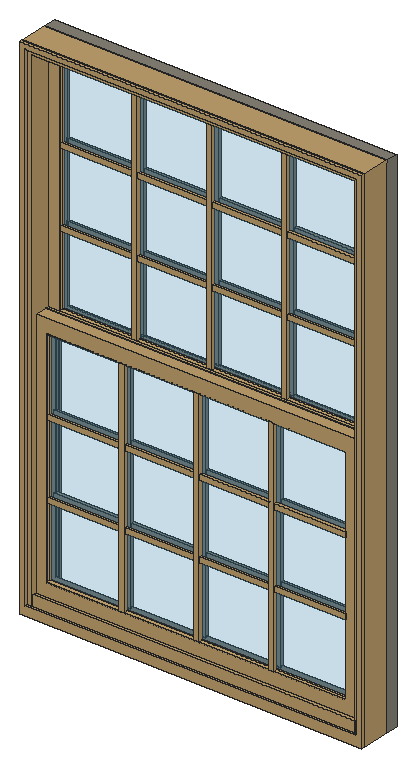
Revit family (continued)
Definition of nested family "Double_Hung_Magnum_Section_Detail"
  Definition of nested family "Head_Magnum"
    Lines and regions (in)
      detail lines, style "Cut Lines", in view "Ref. Level"
        curve 12: line (1.84463, -1.34308, 0) -> (1.84463, -1.86091, 0)
        curve 13: line (1.84463, -1.86091, 0) -> (2.8095, -1.86091, 0)
        curve 14: line (2.8095, -1.86091, 0) -> (2.8095, -1.08217, 0)
        curve 15: line (2.8095, -1.08217, 0) -> (4.5625, -1.08217, 0)
        curve 16: line (-0.57871, -1.56335, 0) -> (-0.57871, -1.00698, 0)
        curve 17: line (-0.35196, -1.56335, 0) -> (-0.57871, -1.56335, 0)
        curve 18: line (-0.35196, -1.68535, 0) -> (-0.35196, -1.56335, 0)
        curve 19: line (-0.30371, -1.75735, 0) -> (-0.55471, -1.75735, 0)
        curve 20: line (-0.55471, -1.68535, 0) -> (-0.35196, -1.68535, 0)
        curve 21: line (-0.55471, -1.68535, 0) -> (-0.55471, -1.75735, 0)
        curve 22: line (-0.18368, -1.66735, 0) -> (-0.30371, -1.66735, 0)
        curve 23: line (-0.30371, -1.66735, 0) -> (-0.30371, -1.75735, 0)
        curve 24: line (-0.57871, -1.00698, 0) -> (-0.18368, -1.00698, 0)
        curve 25: line (1.77664, -1.43064, 0) -> (0.213, -1.43064, 0)
        curve 26: line (0.213, -2.99034, 0) -> (0.213, -1.43064, 0)
        curve 27: line (0.32789, -2.99034, 0) -> (0.213, -2.99034, 0)
        curve 28: line (0.5208, -3.22121, 0) -> (0.32789, -2.99034, 0)
        curve 29: line (0.5625, -2.53321, 0) -> (0.5625, -3.22121, 0)
        curve 30: line (1.3125, -2.53321, 0) -> (0.5625, -2.53321, 0)
        curve 31: line (1.3125, -3.22121, 0) -> (1.3125, -2.53321, 0)
        curve 32: line (1.49071, -3.22121, 0) -> (1.3125, -3.22121, 0)
        curve 33: line (1.77664, -3.0022, 0) -> (1.70972, -3.0022, 0)
        curve 34: line (1.77664, -1.43064, 0) -> (1.77664, -3.0022, 0)
        curve 35: line (0.5625, -3.22121, 0) -> (0.5208, -3.22121, 0)
        curve 36: line (1.70972, -3.0022, 0) -> (1.49071, -3.22121, 0)
        curve 37: line (1.29214, -2.68921, 0) -> (0.59087, -2.68921, 0)
        curve 38: line (1.16587, -3.06421, 0) -> (0.71587, -3.06421, 0)
        curve 39: line (0.56826, -0.39417, 0) -> (4.5625, -0.39417, 0)
        curve 40: line (0, 1.5, 0) -> (0, 0.15, 0)
        curve 41: line (-0.04501, 0, 0) -> (-0.04501, 1.5, 0)
        curve 42: line (-0.04501, 1.5, 0) -> (0, 1.5, 0)
        curve 43: line (0.10999, 0.15, 0) -> (0.10999, 0, 0)
        curve 44: line (0, 0.15, 0) -> (0.10999, 0.15, 0)
  Definition of nested family "Checkrail_Magnum"
    Parameters (values of type "Checkrail")
      Assembly Code = ""
    Reference planes (in)
      plane 1 "Center (Front/Back)": y = -0.07662
      plane 2: z = 0
      plane 3 "Center (Left/Right)": x = 0
    Lines and regions (in)
      detail lines, style "Cut Lines", in view "Ref. Level"
        curve 1: line (4.02531, 0.9075, 0) -> (2.29165, 0.9075, 0)
        curve 2: line (1.70839, 0.9075, 0) -> (1.48939, 1.1265, 0)
        curve 3: line (1.48939, 1.1265, 0) -> (1.31117, 1.1265, 0)
        curve 4: line (1.31117, 1.1265, 0) -> (1.31117, 0.4385, 0)
        curve 5: line (1.31117, 0.4385, 0) -> (0.56736, 0.4385, 0)
        curve 6: line (0.21836, -1.04887, 0) -> (0.21836, 0.89563, 0)
        curve 7: line (0.21836, 0.89563, 0) -> (0.33275, 0.89563, 0)
        curve 8: line (0.33275, 0.89563, 0) -> (0.52566, 1.1265, 0)
        curve 9: line (0.52566, 1.1265, 0) -> (0.56736, 1.1265, 0)
        curve 10: line (0.56736, 0.4385, 0) -> (0.56736, 1.1265, 0)
        curve 11: line (4.02531, 0.9075, 0) -> (4.02531, -1.06075, 0)
        curve 12: line (4.02531, -1.06075, 0) -> (3.95839, -1.06075, 0)
        curve 13: line (3.95839, -1.06075, 0) -> (3.73939, -1.27975, 0)
        curve 14: line (3.73939, -1.27975, 0) -> (3.56117, -1.27975, 0)
        curve 15: line (3.56117, -1.27975, 0) -> (3.56117, -0.59175, 0)
        curve 16: line (3.56117, -0.59175, 0) -> (2.81736, -0.59175, 0)
        curve 17: line (2.46836, -0.07662, 0) -> (2.46836, -1.04887, 0)
        curve 18: line (2.46836, -1.04887, 0) -> (2.58275, -1.04887, 0)
        curve 19: line (2.58275, -1.04887, 0) -> (2.77566, -1.27975, 0)
        curve 20: line (2.77566, -1.27975, 0) -> (2.81736, -1.27975, 0)
        curve 21: line (2.81736, -0.59175, 0) -> (2.81736, -1.27975, 0)
        curve 22: line (0.21836, -1.04887, 0) -> (2.14634, -1.04887, 0)
        curve 23: line (2.14634, -1.04887, 0) -> (2.14634, -0.07662, 0)
        curve 24: line (2.14634, -0.07662, 0) -> (2.22905, -0.07662, 0)
        curve 25: line (2.22905, -0.07662, 0) -> (2.22905, 0.9075, 0)
        curve 26: line (2.29165, -0.07662, 0) -> (2.29165, 0.9075, 0)
        curve 27: line (2.22905, 0.9075, 0) -> (1.70839, 0.9075, 0)
        curve 28: line (2.29165, -0.07662, 0) -> (2.46836, -0.07662, 0)
        curve 29: line (-0.20209, 0.09393, 0) -> (-0.48809, 0.09393, 0)
        curve 30: line (-0.48809, 0.09393, 0) -> (-0.48809, -0.63107, 0)
        curve 31: line (-0.48809, -0.63107, 0) -> (-0.20209, -0.63107, 0)
        curve 32: line (-0.20209, -0.63107, 0) -> (-0.20209, 0.09393, 0)
        curve 33: line (0.59745, 0.60638, 0) -> (1.29745, 0.60638, 0)
        curve 34: line (0.72245, 0.98138, 0) -> (1.17245, 0.98138, 0)
        curve 35: line (2.82658, -0.75462, 0) -> (3.52658, -0.75462, 0)
        curve 36: line (2.95158, -1.12962, 0) -> (3.40158, -1.12962, 0)
Definition of nested family "Label Annotation 1-16 w4"
  Parameters
    Nominal Width = 0' - 0"
    Nominal Height = 0' - 0"
    Label = ""
    Egress Info = "EGRESS WDW"
    Description = "DBHG MGNM"
  Reference planes (in)
    plane 1: y = 0
    plane 2: x = 0
  Text (in)
    label "Nominal Width X  Nominal Height Description Egress Info" at (0.00375, -0.00345, 0), shows "Nominal Width", "Nominal Height", "Description", "Egress Info"
